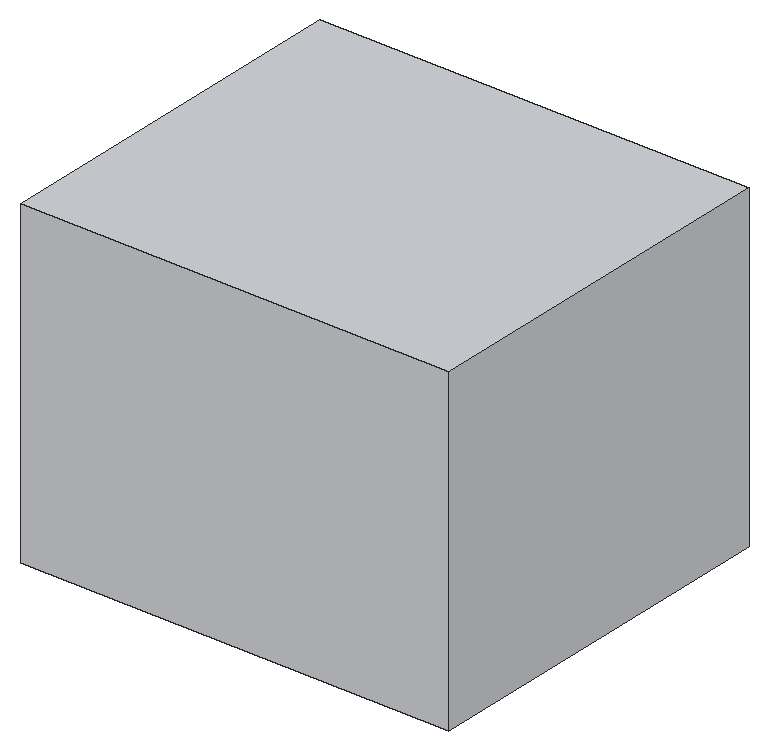
Revit family "Art", category Furniture, Revit 2019
Family settings
  OmniClass Number = 23.40.20.00
  OmniClass Title = General Furniture and Specialties
  Work Plane-Based = No
  Always vertical = Yes
  Cut with Voids When Loaded = No
  Shared = No
  Room Calculation Point = No
Reference planes (in)
  plane 1 "Center Front/Back": y = 0
  plane 2: z = 0
  plane 3 "Center Left/Right": x = 0
Forms (in)
  Extrusion 1, solid
    sketch origin (0, 0, 0) x (1, 0, 0) y (0, 1, 0)
      loop
        line (-7.00963, 8.37261) -> (-7.00963, -5.62739) -> (8.99037, -5.62739) -> (8.99037, 8.37261) -> (-7.00963, 8.37261)
    from 0 to 12
Dimensions and locks (in)
  aligned and locked: level to plane 2
